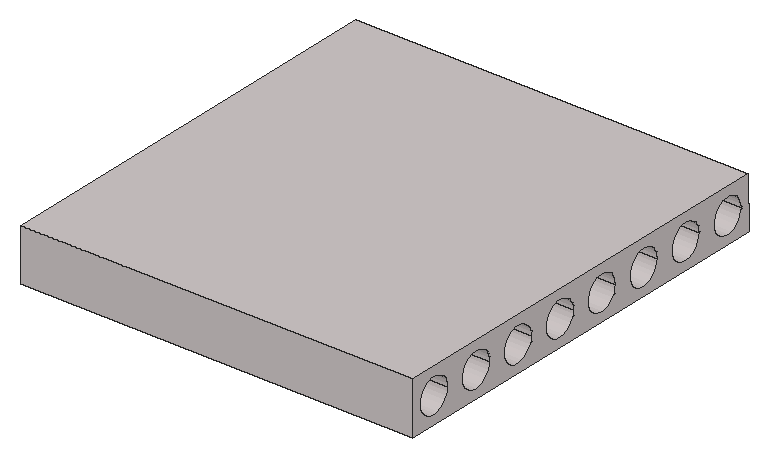
Revit family "M_Pré-moldado-Viga de núcleo vazado", category Quadro estrutural, Revit 2019
Family settings
  Exibir em vistas ocultas = Arestas ocultadas por outros membros
  Arredondamento do comprimento do framing estrutural = 0 mm
  Forma do corte = Não definido
  Material para o comportamento do modelo = Concreto pré-moldado
  Exportar sempre como geometria = Não
  Número OmniClass = 23.25.30.11
  Título OmniClass = Structural Frames
  ID de item do Seek = Precast-Hollow Core Slab-0000-CAN-ENU
  Sempre na vertical = Sim
  Corte com vazios quando carregada = Não
  Representação simbólica = Da família
  Compartilhado = Não
  Exibir o pré-corte da família na vista da planta = Sim
Parameters (values of type "1200x150mm")
  Structural Material [instance] = Concreto - Moldado in loco - 35 MPa
  Número de núcleos = 8
  Assembly Code = ""
  Linear = 150 mm
  Length [instance] = 1500 mm
  Raio do núcleo = 50 mm
  Deslocamento do núcleo = 75 mm
  Largura = 1200 mm
Types (13, lengths in mm): name | Número de núcleos | Linear | Raio do núcleo | Deslocamento do núcleo | Largura
  (no name) | 8 | 150 | 50 | 75 | 1200
  1200x150mm | 8 | 150 | 50 | 75 | 1200
  1000x150mm | 6 | 150 | 50 | 125 | 1000
  1500x150mm | 10 | 150 | 50 | 75 | 1500
  1000x200mm | 5 | 200 | 66.7 | 100 | 1000
  1200x200mm | 6 | 200 | 66.7 | 100 | 1200
  1500x200mm | 6 | 200 | 66.7 | 250 | 1500
  1000x250mm | 4 | 250 | 83.3 | 125 | 1000
  1200x250mm | 4 | 250 | 83.3 | 225 | 1200
  1500x250mm | 4 | 250 | 83.3 | 375 | 1500
  1000x300mm | 3 | 300 | 100 | 200 | 1000
  1200x300mm | 4 | 300 | 100 | 150 | 1200
  1500x300mm | 5 | 300 | 100 | 150 | 1500
Reference planes
  plane 1 "Centro (Frente/Trás)": y = 0
  plane 2: z = 0
  plane 3 "Centro (Esquerda/Direita)": x = 4.61
  plane 4 "Membro esquerdo": x = -557.39
  plane 5 "Membro direito": x = 566.61
  plane 6: y = 600
  plane 7: y = -600
  plane 8: z = 75
  plane 9 "Inferior": z = -75
  plane 10 "Esquerda": x = -757.39
  plane 11 "Direita": x = 742.61
Dimensions and locks
  "Largura": plane 6 to plane 7
  equal spacing: plane 9 "Inferior", plane 2, plane 8
  equal spacing: plane 6, plane 1 "Centro (Frente/Trás)", plane 7
  "Linear": plane 9 "Inferior" to plane 8
  "Length": plane 10 "Esquerda" to plane 11 "Direita"
  aligned and locked: plane 4 "Membro esquerdo" to nested 1
  aligned and locked: plane 5 "Membro direito" to nested 1
Nested families
  nested 1: "M_Núcleo vazado" at (566.61, 0, 0) x (-1, 0, 0) z (0, 0, 1), Material <- "Structural Material", Número de núcleos <- "Número de núcleos", Largura <- "Largura", Linear <- "Linear", Raio do núcleo <- "Raio do núcleo", Deslocamento do núcleo <- "Deslocamento do núcleo", type "M_Núcleo vazado"
    with Largura 1200 mm, Número de núcleos 8, Material Concreto - Moldado in loco - 35 MPa, built-in parameter 1001306 3.6877 (stored number, unit not read), Linear 150 mm, Raio do núcleo 50 mm, Deslocamento do núcleo 75 mm
Definition of nested family "M_Núcleo vazado"
  Parameters
    Número de núcleos [instance] = 2
    Largura [instance] = 1200 mm
    Material [instance] = none
    built-in parameter 1001306 [instance] = 1200 mm
    Linear [instance] = 150 mm
    Raio do núcleo [instance] = 50 mm
    Deslocamento do núcleo [instance] = 100 mm
    Assembly Code = ""
  Reference planes
    plane 1 "Centro (Frente/Trás)": y = 0
    plane 2: z = 0
    plane 3 "Esquerda": x = 0
    plane 4 "Direita": x = 1200
    plane 5: z = 75
    plane 6: z = -75
    plane 7: y = -600
    plane 8: y = 600
    plane 9: y = 500
    plane 10: y = -500
  Forms (mm)
    Extrusion 1, solid, material <- "Material"
      sketch origin (0, 0, 0) x (0, 1, 0) y (0, 0, 1)
        loop
          line (600, 75) -> (-600, 75) -> (-600, -75) -> (600, -75) -> (600, 75)
      from 0 to 1200
    Extrusion 2, void
      sketch origin (0, -8, 0) x (0, 1, 0) y (0, 0, 1)
        loop
          circle (508, 0) r 50
      from 0 to 1200 <- "built-in parameter 1001306"
    Extrusion 3, void
      sketch origin (0, -1008, 0) x (0, 1, 0) y (0, 0, 1)
        loop
          circle (508, 0) r 50
      from 0 to 1200 <- "built-in parameter 1001306"
  Cuts and joins
    Extrusion 2, Extrusion 3 cuts Extrusion 1
  Lines and regions (mm)
    reference lines
      curve 1: line (0, 0, 0) -> (1200, 0, 0)
  Dimensions and locks
    "built-in parameter 1001306": plane 3 "Esquerda" to plane 4 "Direita"
    "Linear": plane 5 to plane 6
    equal spacing: plane 5, level, plane 6
    "Largura": plane 8 to plane 7
    equal spacing: plane 8, plane 1 "Centro (Frente/Trás)", plane 7
    group 1 to group 2 = 0 mm  (x2)
    group 2 to group 1 = 1000 mm
    "Deslocamento do núcleo": plane 8 to plane 9
    "Deslocamento do núcleo": plane 10 to plane 7
    "Raio do núcleo": radius of Extrusion 2 sketch curve
    "Raio do núcleo": radius of Extrusion 3 sketch curve
    aligned and locked: plane 4 "Direita" to curve 1
    aligned and locked: plane 1 "Centro (Frente/Trás)" to curve 1
    aligned and locked: plane 3 "Esquerda" to curve 1
    aligned and locked: Extrusion 1 to plane 3 "Esquerda"
    aligned and locked: plane 4 "Direita" to Extrusion 1
    aligned and locked: Extrusion 1 sketch curve to plane 6
    aligned and locked: plane 5 to Extrusion 1 sketch curve
    aligned and locked: plane 8 to Extrusion 1 sketch curve
    aligned and locked: Extrusion 1 sketch curve to plane 7
    aligned and locked: plane 9 to Extrusion 2 sketch curve
    aligned and locked: plane 10 to Extrusion 3 sketch curve
